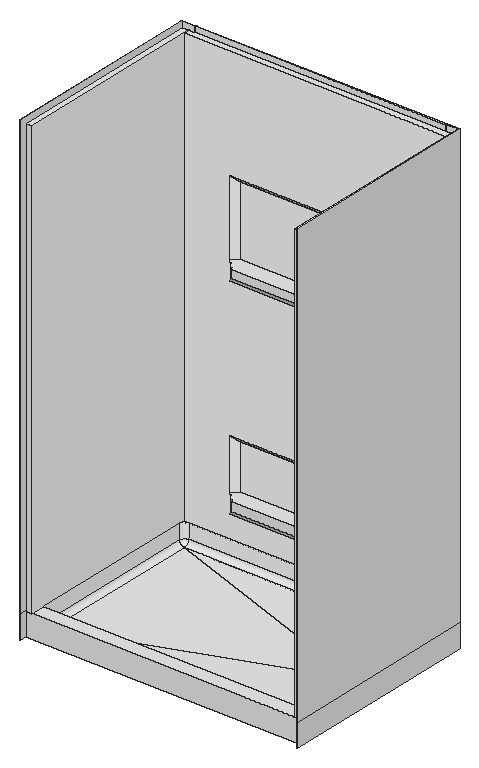
Revit family "4LBS4834.V2 L-R", category Plumbing Fixtures, Revit 2019
Family settings
  Round Connector Dimension = Use Diameter
  Part Type = Normal
  OmniClass Number = 23.45.05.14.17
  OmniClass Title = Showers
  Work Plane-Based = No
  Always vertical = Yes
  Cut with Voids When Loaded = No
  Shared = No
  Room Calculation Point = No
Parameters (values of type "4LBS4834.V2 L/R")
  Unit Width = 48"
  Unit Height = 80 1/2"
  Unit Depth = 35"
  URL = "http://www.bestbath.com/"
  Type Comments = "Remodeler"
  Model = "4LBS4834.V2 L/R"
  Material [instance] = Best Bath Gelcoat Fiberglass - RealTile
  Manufacturer = "Best Bath Systems, Inc."
  Keynote = "22 40 00.B3"
  Description = "Subway Tile Finish"
  Assembly Code = "D2010710"
Reference planes (in)
  plane 1 "Back": y = -0.5
  plane 2: z = 0
  plane 3 "Left": x = 0
  plane 4: x = 48
  plane 5: y = -34.5
  plane 6: z = 79.5
  plane 7: z = 0.625
  plane 8: z = 80.5
  plane 9: x = 42
  plane 10: y = -1.75
  plane 11: y = -16.25
  plane 12: z = 0.25
  plane 13: z = 4
  plane 14: y = -35.5
  plane 15: z = 11.25
  plane 16: z = 47.25
Forms (in)
  Extrusion 1, solid, material "Best Bath Gelcoat Fiberglass - Smooth"
    sketch origin (0, 0, 0) x (1, 0, 0) y (0, 1, 0)
      loop
        line (0, -0.5) -> (0, -34.5) -> (48, -34.5) -> (48, -0.5) -> (0, -0.5)
      loop
        circle (42, -16.25) r 1.625
    from 0 to 0.625
  Extrusion 2, solid, material "Best Bath Gelcoat Fiberglass - Smooth"
    sketch origin (0, 0, 0) x (1, 0, 0) y (0, 1, 0)
      loop
        line (1.25, -0.5) -> (1.25, -1.75) -> (46.75, -1.75) -> (46.75, -0.5) -> (1.25, -0.5)
    from 4 to 79.5
  Extrusion 3, solid, material "Best Bath Gelcoat Fiberglass - Smooth"
    sketch origin (0, 0, 0) x (1, 0, 0) y (0, 1, 0)
      loop
        line (0, -34.5) -> (1.25, -34.5) -> (1.25, -2.75)
        arc (1.25, -2.75) -> (1.54289, -2.04289) -> (2.25, -1.75) r 1
        line (2.25, -1.75) -> (45.75, -1.75)
        arc (45.75, -1.75) -> (46.45711, -2.04289) -> (46.75, -2.75) r 1
        line (46.75, -2.75) -> (46.75, -34.5) -> (48, -34.5) -> (48, -0.5) -> (0, -0.5) -> (0, -34.5)
    from 0 to 4
  Extrusion 4, solid, material "Best Bath Gelcoat Fiberglass - Smooth"
    sketch origin (0, 0, 0) x (1, 0, 0) y (0, 1, 0)
      loop
        line (0, -34.5) -> (1.25, -34.5) -> (1.25, -0.5) -> (0, -0.5) -> (0, -34.5)
      loop
        line (46.75, -34.5) -> (48, -34.5) -> (48, -0.5) -> (46.75, -0.5) -> (46.75, -34.5)
    from 4 to 79.5
  Sweep 5, solid, material "Best Bath Gelcoat Fiberglass - Smooth"
    path origin (0, 0, 0) x (1, 0, 0) y (0, 1, 0)
      loop
        line (1.25, -34.5) -> (1.25, -2.75)
        arc (1.25, -2.75) -> (1.54289, -2.04289) -> (2.25, -1.75) r 1
        line (2.25, -1.75) -> (45.75, -1.75)
        arc (45.75, -1.75) -> (46.45711, -2.04289) -> (46.75, -2.75) r 1
        line (46.75, -2.75) -> (46.75, -34.5)
    profile origin (1.25, -18.625, 0) x (-1, 0, 0) y (0, 0, 1)
      loop
        line (0, 0.625) -> (0, 1.525)
        arc (0, 1.525) -> (-0.2636, 0.8886) -> (-0.9, 0.625) r 0.9
        line (-0.9, 0.625) -> (0, 0.625)
  Blend 6, void
    base sketch origin (0, 0, 0) x (1, 0, 0) y (0, 1, 0)
      loop
        line (2.25, -31.5) -> (45.75, -31.5) -> (45.75, -2.75) -> (2.25, -2.75) -> (2.25, -31.5)
    top sketch origin (0, 0, 0) x (1, 0, 0) y (0, 1, 0)
      loop
        circle (42, -16.25) r 0.05278
    from 0.625 to 0.25
  Sweep 7, solid, material "Best Bath Gelcoat Fiberglass - Smooth"
    path origin (0, 0, 0) x (1, 0, 0) y (0, 1, 0)
      loop
        line (1.25, -34.5) -> (46.75, -34.5)
    profile origin (24, -34.5, 0) x (0, 1, 0) y (0, 0, 1)
      loop
        line (0, 0) -> (3.11628, 0) -> (2.37209, 4) -> (0, 4) -> (0, 0)
  Extrusion 8, solid, material "Best Bath Gelcoat Fiberglass - Smooth"
    sketch origin (0, 0, 0) x (1, 0, 0) y (0, 1, 0)
      loop
        line (0, -34.5) -> (0, -35.5) -> (0.125, -35.5) -> (0.125, -34.5) -> (0, -34.5)
      loop
        line (48, -34.5) -> (47.875, -34.5) -> (47.875, -35.5) -> (48, -35.5) -> (48, -34.5)
    from 0 to 4
  Extrusion 9, solid, material "Best Bath Gelcoat Fiberglass - Smooth"
    sketch origin (0, 0, 0) x (1, 0, 0) y (0, 1, 0)
      loop
        line (2.25, -0.5) -> (2.25, -0.625) -> (45.75, -0.625) -> (45.75, -0.5) -> (2.25, -0.5)
    from 79.5 to 80.5
  Extrusion 10, solid, material "Best Bath Gelcoat Fiberglass - Smooth"
    sketch origin (0, 0, 0) x (1, 0, 0) y (0, 1, 0)
      loop
        line (0, -35.5) -> (0.125, -35.5) -> (0.125, -0.625) -> (2.25, -0.625) -> (2.25, -0.5) -> (0, -0.5) -> (0, -35.5)
      loop
        line (48, -35.5) -> (48, -0.5) -> (45.75, -0.5) -> (45.75, -0.625) -> (47.875, -0.625) -> (47.875, -35.5) -> (48, -35.5)
    from 4 to 80.5
  Blend 11, solid, material "Best Bath Gelcoat Fiberglass - Smooth"
    base sketch origin (-17.1875, -37.75, -32.75) x (1, 0, 0) y (0, 0, 1)
      loop
        line (56, 44) -> (26.375, 44) -> (26.375, 40.625) -> (56, 40.625) -> (56, 44)
    top sketch origin (-17.1875, -37.75, -32.75) x (1, 0, 0) y (0, 0, 1)
      loop
        line (28.375, 44) -> (28.375, 42.5625) -> (54, 42.5625) -> (54, 44) -> (28.375, 44)
    from -36 to -34
  Blend 12, solid, material "Best Bath Gelcoat Fiberglass - Smooth"
    base sketch origin (-17.1875, -37.75, 4.25) x (1, 0, 0) y (0, 0, 1)
      loop
        line (56, 43) -> (26.375, 43) -> (26.375, 39.625) -> (56, 39.625) -> (56, 43)
    top sketch origin (-17.1875, -37.75, 4.25) x (1, 0, 0) y (0, 0, 1)
      loop
        line (28.375, 43) -> (28.375, 41.5625) -> (54, 41.5625) -> (54, 43) -> (28.375, 43)
    from -36 to -34
  Blend 13, void
    base sketch origin (-32.64477, -38.25, -30.75) x (1, 0, 0) y (0, 0, 1)
      loop
        line (41.87365, 42) -> (71.45727, 42) -> (71.45727, 50.75) -> (41.87365, 50.75) -> (41.87365, 42)
    top sketch origin (-32.64477, -38.25, -30.75) x (1, 0, 0) y (0, 0, 1)
      loop
        line (42.87365, 42) -> (70.45727, 42) -> (70.45727, 49.75) -> (42.87365, 49.75) -> (42.87365, 42)
    from -36.5 to -37.5
  Blend 14, void
    base sketch origin (-32.64477, -38.25, 4.25) x (1, 0, 0) y (0, 0, 1)
      loop
        line (41.87365, 43) -> (71.45727, 43) -> (71.45727, 56) -> (41.87365, 56) -> (41.87365, 43)
    top sketch origin (-32.64477, -38.25, 4.25) x (1, 0, 0) y (0, 0, 1)
      loop
        line (42.87365, 43) -> (70.45727, 43) -> (70.45727, 55) -> (42.87365, 55) -> (42.87365, 43)
    from -36.5 to -37.5
Cuts and joins
  Blend 6 cuts Extrusion 1
  Blend 6 cuts Extrusion 3
  Blend 6 cuts Sweep 5
  joined: Extrusion 1, Extrusion 3, Sweep 5, Sweep 7, Extrusion 8
  Blend 13, Blend 14 cuts Extrusion 2
  Blend 13, Blend 14 cuts Extrusion 9
  joined: Extrusion 2, Extrusion 9, Blend 11, Blend 12
  joined: Extrusion 4, Extrusion 10
Dimensions and locks (in)
  "Unit Width": plane 3 "Left" to plane 4
  locked: plane 7 to level at 0.625
  locked: plane 8 to plane 6 at 1
  "Unit Height": plane 8 to level
  plane 3 "Left" to plane 9 to plane 4 = 42", 6"
  locked: plane 1 "Back" to plane 11 at 15.75
  plane 10 to plane 1 "Back" = 1 1/4"
  locked: plane 7 to plane 12 at 0.375
  locked: plane 13 to level at 4
  locked: plane 5 to plane 14 at 1
  "Unit Depth": plane 14 to plane 1 "Back"
  locked: plane 15 to level at 11.25
  locked: plane 16 to level at 47.25
  aligned and locked: level to plane 2
  aligned and locked: Extrusion 1 to plane 7
  aligned and locked: plane 5 to Extrusion 1 sketch curve
  aligned and locked: plane 4 to Extrusion 1 sketch curve
  aligned and locked: Extrusion 2 sketch curve to Extrusion 1
  aligned and locked: Extrusion 2 sketch curve to plane 10
  aligned and locked: plane 11 to Extrusion 1 sketch curve
  aligned and locked: plane 9 to Extrusion 1 sketch curve
  aligned and locked: plane 13 to Extrusion 3
  aligned and locked: Extrusion 2 to plane 13
  aligned and locked: plane 6 to Extrusion 2
  aligned and locked: Extrusion 4 to Extrusion 2
  aligned and locked: plane 6 to Extrusion 4
  aligned and locked: Sweep 5 sketch curve to plane 7
  aligned and locked: plane 11 to Blend 6 sketch curve
  aligned and locked: plane 9 to Blend 6 sketch curve
  aligned and locked: Extrusion 1 to Blend 6
  aligned and locked: Blend 6 to plane 12
  aligned and locked: Extrusion 8 to Extrusion 2
  aligned and locked: plane 8 to Extrusion 9
  aligned and locked: Extrusion 9 to plane 6
  aligned and locked: Extrusion 10 to plane 13
  aligned and locked: plane 8 to Extrusion 10
  aligned and locked: plane 15 to Blend 11  (x2)
  aligned and locked: plane 16 to Blend 12
  aligned and locked: cut or joined group of Extrusion 2, Extrusion 9, Blend 11, Blend 12, Blend 13, Blend 14 to plane 15
  aligned and locked: cut or joined group of Extrusion 2, Extrusion 9, Blend 11, Blend 12, Blend 13, Blend 14 to plane 16
Automatic sketch dimensions
  Extrusion 1 sketch curve to plane 3 "Left" = 0"
  plane 1 "Back" to Extrusion 1 sketch curve = 0"
  plane 1 "Back" to Extrusion 3 sketch curve = 0"
  Extrusion 3 sketch curve to plane 3 "Left" = 0"
  Extrusion 3 sketch curve to plane 5 = 0"  (x2)
  Extrusion 3 sketch curve to plane 10 = 0"
  Extrusion 3 sketch curve to plane 4 = 0"
  plane 4 to Extrusion 3 sketch curve = 1 1/4"
  Extrusion 3 sketch curve to plane 10 = 1"
  plane 3 "Left" to Extrusion 3 sketch curve = 1 1/4"
  Extrusion 3 sketch curve to Extrusion 3 sketch curve = 1"
  Sweep 5 sketch curve to plane 10 = 0"
  plane 3 "Left" to Sweep 5 sketch curve = 1 1/4"
  Sweep 5 sketch curve to plane 10 = 1"  (x2)
  Sweep 5 sketch curve to plane 5 = 0"  (x2)
  plane 4 to Sweep 5 sketch curve = 2 1/4"
  Sweep 5 sketch curve to profile plane = 0"
  profile plane to Sweep 5 sketch curve = 0.9"
  plane 4 to Extrusion 2 sketch curve = 1 1/4"
  plane 3 "Left" to Extrusion 2 sketch curve = 1 1/4"
  Sweep 7 sketch curve to plane 5 = 0"
  plane 3 "Left" to Sweep 7 sketch curve = 1 1/4"
  plane 4 to Sweep 7 sketch curve = 1 1/4"
  Blend 6 sketch curve to plane 10 = 1"
  plane 3 "Left" to Blend 6 sketch curve = 2 1/4"
  plane 5 to Blend 6 sketch curve = 3"
  plane 4 to Blend 6 sketch curve = 2 1/4"
  Extrusion 8 sketch curve to plane 3 "Left" = 0"
  Extrusion 8 sketch curve to plane 14 = 0"  (x2)
  Extrusion 8 sketch curve to plane 5 = 0"  (x2)
  Extrusion 8 sketch curve to plane 4 = 0"
  plane 3 "Left" to Extrusion 8 sketch curve = 1/8"
  plane 4 to Extrusion 8 sketch curve = 1/8"
  plane 1 "Back" to Extrusion 9 sketch curve = 0"
  plane 3 "Left" to Extrusion 9 sketch curve = 2 1/4"
  plane 4 to Extrusion 9 sketch curve = 2 1/4"
  plane 1 "Back" to Extrusion 9 sketch curve = 1/8"
  Extrusion 10 sketch curve to plane 3 "Left" = 0"
  Extrusion 10 sketch curve to plane 14 = 0"  (x2)
  plane 1 "Back" to Extrusion 10 sketch curve = 0"  (x2)
  Extrusion 10 sketch curve to plane 4 = 0"
  plane 3 "Left" to Extrusion 10 sketch curve = 1/8"
  plane 1 "Back" to Extrusion 10 sketch curve = 1/8"  (x2)
  Extrusion 10 sketch curve to Extrusion 10 sketch curve = 2 1/8"
  plane 4 to Extrusion 10 sketch curve = 2 1/4"
  plane 4 to Extrusion 10 sketch curve = 1/8"
  Blend 11 sketch curve to plane 15 = 0"  (x2)
  plane 3 "Left" to Blend 11 sketch curve = 9 3/16"
  Blend 11 sketch curve to plane 15 = 3 3/8"
  plane 4 to Blend 11 sketch curve = 9 3/16"
  Blend 11 sketch curve to plane 15 = 1 7/16"
  plane 3 "Left" to Blend 11 sketch curve = 11 3/16"
  plane 4 to Blend 11 sketch curve = 11 3/16"
  Blend 12 sketch curve to plane 16 = 0"  (x2)
  plane 3 "Left" to Blend 12 sketch curve = 9 3/16"
  Blend 12 sketch curve to plane 16 = 3 3/8"
  plane 4 to Blend 12 sketch curve = 9 3/16"
  Blend 12 sketch curve to plane 16 = 1 7/16"
  plane 3 "Left" to Blend 12 sketch curve = 11 3/16"
  plane 4 to Blend 12 sketch curve = 11 3/16"
  Blend 13 sketch curve to plane 15 = 0"  (x2)
  plane 3 "Left" to Blend 13 sketch curve = 9.22888"
  plane 4 to Blend 13 sketch curve = 9 3/16"
  Blend 13 sketch curve to Blend 13 sketch curve = 8 3/4"
  plane 3 "Left" to Blend 13 sketch curve = 10.22888"
  plane 4 to Blend 13 sketch curve = 10 3/16"
  Blend 13 sketch curve to Blend 13 sketch curve = 7 3/4"
  plane 3 "Left" to Blend 14 sketch curve = 9.22888"
  plane 4 to Blend 14 sketch curve = 9 3/16"
  plane 16 to Blend 14 sketch curve = 0"  (x2)
  Blend 14 sketch curve to Blend 14 sketch curve = 13"
  plane 3 "Left" to Blend 14 sketch curve = 10.22888"
  plane 4 to Blend 14 sketch curve = 10 3/16"
  Blend 14 sketch curve to Blend 14 sketch curve = 12"
  Sweep 7 sketch curve to profile plane = 0"
  Sweep 7 sketch curve to level = 0"
  Sweep 7 sketch curve to profile plane = 2.37209"
  Sweep 7 sketch curve to profile plane = 3.11628"
  level to Sweep 7 sketch curve = 4"
  Extrusion 4 sketch curve to plane 3 "Left" = 0"
  Extrusion 4 sketch curve to plane 5 = 0"  (x2)
  plane 1 "Back" to Extrusion 4 sketch curve = 0"  (x2)
  Extrusion 4 sketch curve to plane 4 = 0"
  plane 3 "Left" to Extrusion 4 sketch curve = 1 1/4"
  Extrusion 4 sketch curve to Extrusion 4 sketch curve = 1 1/4"
  radius of Extrusion 1 sketch curve = 1 5/8"
  radius of Blend 6 sketch curve = 0.05278"
